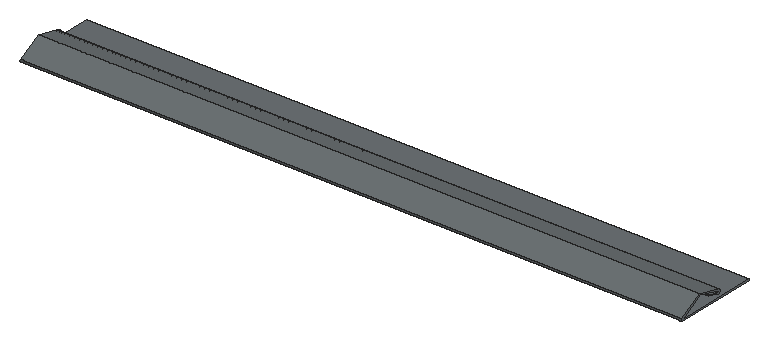
Revit family "BIMLIB_ПланкаСтартоваяФинишнаяБлокХаус_GRANDLINE", category Обобщенные модели, Revit 2017
Family settings
  Может служить основой для арматурных стержней = Нет
  Размер круглого соединителя = Использовать диаметр
  Тип детали = Нормальный
  При загрузке вырезать с полостями = Нет
  Общий = Нет
  Точка расчета площади = Нет
Parameters (values of type "Стартовая-финишная планка")
  Смещение от плоскости [instance] = 0 mm
  Описание = ADSK_Наименование  # "Стартовая-финишная планка Блок Хаус GL"
  Изготовитель = "Grand Line"  # constant formula
  built-in parameter 1001306 [instance] = 500 mm
  Watermark [instance] = "Модели защищены уникальным кодом"
  URL = "https://www.grandline.ru"
  BL_Разработано = "support@bimlib.pro"
  BL_Email = "info@grandline.ru"
  BL_BIM library = "https://bimlib.pro/manufacturer/company/22430"
  ADSK_Размер_Длина [instance] = [built-in parameter 1001306]  # 500 mm
  ADSK_Обозначение = "ГОСТ 19904-90, ГОСТ 14918-80"
  ADSK_Наименование = "Стартовая-финишная планка Блок Хаус GL"
  ADSK_Материал тип подсчета = 1  # constant formula
  ADSK_Материал = GL_Drap_RAL7016
  ADSK_Масса_Текст [instance] = ""
  ADSK_Масса [instance] = 0
  ADSK_Марка = ""
  ADSK_Количество [instance] = if(ADSK_Материал тип подсчета = 0, 1, if(ADSK_Материал тип подсчета = 1, ADSK_Размер_Длина / 1000 mm, 0))  # 0.5
  ADSK_Код изделия = "M12.043.05"  # constant formula
  ADSK_Завод-изготовитель = "Grand Line"  # constant formula
  ADSK_Единица измерения = "м"  # constant formula
  ADSK_Группирование = "Доборные элементы"  # constant formula
  ADSK_Версия Revit = "2017"  # constant formula
  ADSK_URL страницы изделия = "https://www.grandline.ru/planka-startovo-finishnaya-blok-khaus-gl-0-45-pe-foil-ral-8017-52816.html"
  ADSK_URL документации изделия = "https://www.grandline.ru/uploads/files/chertezhi_vse/dobornye_elementy/de_saiyding_blok_haus/Start_finish_Blok_haus_GL.jpg"
Reference planes
  plane 1 "По центру (Вперед/Назад)": y = 0
  plane 2: z = 0
  plane 3 "Слева": x = 0
  plane 4 "Справа": x = 500
Forms (mm)
  Sweep 1, solid, material "GL_Drap_RAL7016" <- "ADSK_Материал"
    path in 3D
      loop
        line (0, 0, 0) -> (500, 0, 0)
    profile "Профиль_ПланкаСтартовоФинишнаяБлок-хаусЭкобрусЭкобруNew : Профиль" origin (250, 0, 0) x (0, 1, 0) y (0, 0, 1)
      loop
        line (63.027, 0) -> (63.027, 0.8) -> (0.798, 0.8) -> (17.151, 10.241) -> (34.701, 5.539)
        arc (34.701, 5.539) -> (35.196, 4.682) -> (34.338, 4.187) r 0.7
        line (34.338, 4.187) -> (26.128, 6.387) -> (25.921, 5.614) -> (34.131, 3.414)
        arc (34.131, 3.414) -> (35.969, 4.475) -> (34.908, 6.312) r 1.5
        line (34.908, 6.312) -> (17.038, 11.1) -> (0.4, 1.494)
        arc (0.4, 1.494) -> (0.027, 0.593) -> (0.801, 0) r 0.801
        line (0.801, 0) -> (63.027, 0)
Lines and regions (mm)
  reference lines
    curve 1: line (0, 0, 0) -> (500, 0, 0)
  sketch lines
    curve 2: line (0, 0, 0) -> (500, 0, 0)
Dimensions and locks
  "built-in parameter 1001306": plane 3 "Слева" to plane 4 "Справа"
  aligned and locked: plane 4 "Справа" to curve 1
  aligned and locked: plane 1 "По центру (Вперед/Назад)" to curve 1
  aligned and locked: plane 3 "Слева" to curve 1
  aligned and locked: level to plane 2
